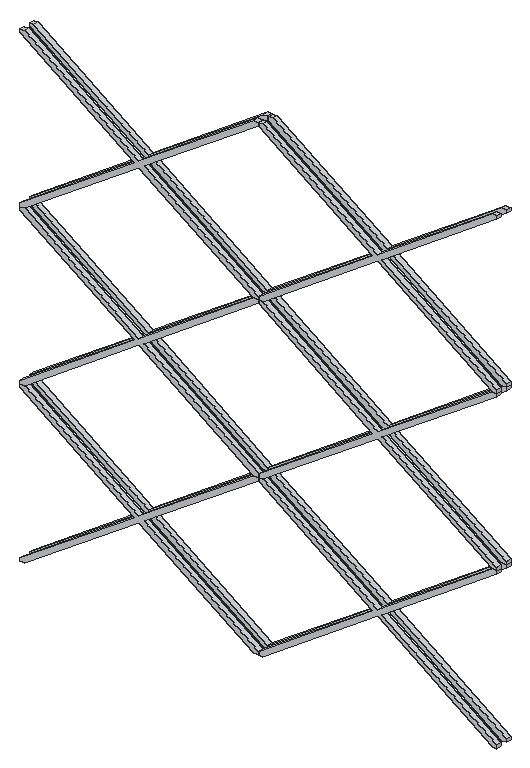
Revit family "905372203c9047879aea3598f1513d05", category Generic Models, Revit 2021
Family settings
  Can host rebar = No
  Round Connector Dimension = Use Diameter
  Part Type = Normal
  Work Plane-Based = No
  Always vertical = Yes
  Cut with Voids When Loaded = No
  Shared = No
  Room Calculation Point = No
Parameters
  Width [instance] = 4' - 0"
  Thickness = 0' - 0 1/2"
  Height [instance] = 4' - 0"
  Interior Material [instance] = none
  Exterior Material [instance] = none
  Distance = 0' - 0 3/4"
  Default Elevation = 0' - 0"
Reference planes (in)
  plane 1 "Center (Front/Back)": y = 0
  plane 2: z = 0
  plane 3 "Center (Left/Right)": x = 0
  plane 4: z = 48
  plane 5: x = -24
  plane 6: x = 24
  plane 7: z = 32
  plane 8: z = 16
Dimensions and locks (in)
  equal spacing: plane 6, plane 3 "Center (Left/Right)", plane 5
  "Width": plane 6 to plane 5
  "Height": plane 4 to plane 2
  equal spacing: plane 4, plane 7, plane 8, plane 2
  aligned and locked: plane 2 to level
  aligned and locked: plane 3 "Center (Left/Right)" to nested 2
  aligned and locked: plane 3 "Center (Left/Right)" to nested 6
  aligned and locked: plane 3 "Center (Left/Right)" to nested 1
  aligned and locked: plane 6 to nested 1
  aligned and locked: plane 6 to nested 6
  aligned and locked: plane 6 to nested 2
  aligned and locked: plane 3 "Center (Left/Right)" to nested 3
  aligned and locked: plane 3 "Center (Left/Right)" to nested 5
  aligned and locked: plane 3 "Center (Left/Right)" to nested 4
  aligned and locked: plane 5 to nested 3
  aligned and locked: plane 5 to nested 5
  aligned and locked: plane 5 to nested 4
  aligned and locked: plane 2 to nested 3
  aligned and locked: plane 2 to nested 1
  aligned and locked: plane 8 to nested 3
  aligned and locked: plane 8 to nested 1
  aligned and locked: plane 8 to nested 5
  aligned and locked: plane 8 to nested 6
  aligned and locked: plane 7 to nested 5
  aligned and locked: plane 7 to nested 6
  aligned and locked: plane 7 to nested 4
  aligned and locked: plane 7 to nested 2
  aligned and locked: plane 4 to nested 4
  aligned and locked: plane 4 to nested 2
  aligned and locked: plane 1 "Center (Front/Back)" to nested 1
  aligned and locked: plane 1 "Center (Front/Back)" to nested 2
  aligned and locked: plane 1 "Center (Front/Back)" to nested 3
  aligned and locked: plane 1 "Center (Front/Back)" to nested 4
  aligned and locked: plane 1 "Center (Front/Back)" to nested 6
  aligned and locked: plane 1 "Center (Front/Back)" to nested 5
Nested families (in)
  nested 1: "Muntin Pattern_Diamond" at (12, 0, 0), Exterior Material <- "Exterior Material", Interior Material <- "Interior Material", type "Muntin Pattern_Diamond"
    with W 2' - 0", Interior Material none, H 1' - 4", Exterior Material none
  nested 2: "Muntin Pattern_Diamond" at (12, 0, 32), Exterior Material <- "Exterior Material", Interior Material <- "Interior Material", type "Muntin Pattern_Diamond"
    with W 2' - 0", Interior Material none, H 1' - 4", Exterior Material none
  nested 3: "Muntin Pattern_Diamond" at (-12, 0, 0), Exterior Material <- "Exterior Material", Interior Material <- "Interior Material", type "Muntin Pattern_Diamond"
    with W 2' - 0", Interior Material none, H 1' - 4", Exterior Material none
  nested 4: "Muntin Pattern_Diamond" at (-12, 0, 32), Exterior Material <- "Exterior Material", Interior Material <- "Interior Material", type "Muntin Pattern_Diamond"
    with W 2' - 0", Interior Material none, H 1' - 4", Exterior Material none
  nested 5: "Muntin Pattern_Diamond" at (-12, 0, 16), Exterior Material <- "Exterior Material", Interior Material <- "Interior Material", type "Muntin Pattern_Diamond"
    with W 2' - 0", Interior Material none, H 1' - 4", Exterior Material none
  nested 6: "Muntin Pattern_Diamond" at (12, 0, 16), Exterior Material <- "Exterior Material", Interior Material <- "Interior Material", type "Muntin Pattern_Diamond"
    with W 2' - 0", Interior Material none, H 1' - 4", Exterior Material none
Definition of nested family "Muntin Pattern_Diamond"
  Parameters (values of type "Muntin Pattern_Diamond")
    W [instance] = 4' - 0"
    Thickness = 0' - 0 1/2"
    H [instance] = 4' - 0"
    Interior Material [instance] = none
    Distance = 0' - 0 3/4"
    Exterior Material [instance] = none
    Default Elevation = 0' - 0"
  Reference planes (in)
    plane 1 "Center (Front/Back)": y = 0
    plane 2: z = 0
    plane 3 "Center (Left/Right)": x = 0
    plane 4: z = 48
    plane 5: x = -24
    plane 6: x = 24
    plane 7: z = 24
    plane 8: y = 0.375
    plane 9: y = -0.375
    plane 10: y = 0.875
    plane 11: y = -0.875
  Forms (in)
    Extrusion 1, solid, material <- "Exterior Material", detail levels fine
      sketch origin (-24, 0, 48) x (0.707107, 0, -0.707107) y (0.707107, 0, 0.707107)
        loop
          line (0, 0.25) -> (0, -0.25) -> (67.88225, -0.25) -> (67.88225, 0.25) -> (0, 0.25)
      from -0.875 to -0.375
    Extrusion 2, solid, material <- "Exterior Material", detail levels fine
      sketch origin (24, 0, 48) x (-0.707107, 0, -0.707107) y (0.707107, 0, -0.707107)
        loop
          line (67.88225, 0.25) -> (0, 0.25) -> (0, -0.25) -> (67.88225, -0.25) -> (67.88225, 0.25)
      from -0.875 to -0.375
    Extrusion 3, void
      sketch origin (0, 0, 0) x (1, 0, 0) y (0, 0, 1)
        loop
          line (-24, 48) -> (-24, 0) -> (24, 0) -> (24, 48) -> (-24, 48)
        loop
          line (-24.5, 48.5) -> (-24.5, -0.5) -> (24.5, -0.5) -> (24.5, 48.5) -> (-24.5, 48.5)
      from -0.875 to 0.875
    Extrusion 4, solid, material <- "Interior Material", detail levels fine
      sketch origin (-24, 0, 48) x (0.707107, 0, -0.707107) y (0.707107, 0, 0.707107)
        loop
          line (0, 0.25) -> (0, -0.25) -> (67.88225, -0.25) -> (67.88225, 0.25) -> (0, 0.25)
      from 0.375 to 0.875
    Extrusion 5, solid, material <- "Interior Material", detail levels fine
      sketch origin (24, 0, 48) x (-0.707107, 0, -0.707107) y (0.707107, 0, -0.707107)
        loop
          line (0, -0.25) -> (67.88225, -0.25) -> (67.88225, 0.25) -> (0, 0.25) -> (0, -0.25)
      from 0.375 to 0.875
  Cuts and joins
    Extrusion 3 cuts Extrusion 1
    Extrusion 3 cuts Extrusion 2
    joined: Extrusion 1, Extrusion 2
    Extrusion 3 cuts Extrusion 4
    Extrusion 3 cuts Extrusion 5
    joined: Extrusion 4, Extrusion 5
  Lines and regions (in)
    reference lines
      curve 1: line (-24, 0, 48) -> (24, 0, 0)
      curve 2: line (24, 0, 48) -> (-24, 0, 0)
      curve 3: line (-24, 0, 48) -> (-17.98959, 0, 54.01041)
      curve 4: line (24, 0, 0) -> (31.6014, 0, 7.6014)
      curve 5: line (-21.20495, 0, 44.8514) -> (16.78122, 0, 6.86522)
      curve 6: line (-20.8514, 0, 45.20495) -> (17.13478, 0, 7.21878)
      curve 7: line (24, 0, 48) -> (18.87348, 0, 53.12652)
      curve 8: line (-24, 0, 0) -> (-28.24264, 0, 4.24264)
      curve 9: line (-23.82322, 0, -0.17678) -> (22.31549, 0, 45.96194)
      curve 10: line (-24.17678, 0, 0.17678) -> (21.96194, 0, 46.31549)
    model lines, detail levels medium
      curve 11: line (24, 0.375, 0) -> (-24, 0.375, 48)
      curve 12: line (24, 0.375, 48) -> (-24, 0.375, 0)
      curve 13: line (24, -0.375, 0) -> (-24, -0.375, 48)
      curve 14: line (24, -0.375, 48) -> (-24, -0.375, 0)
  Dimensions and locks (in)
    equal spacing: plane 6, plane 3 "Center (Left/Right)", plane 5
    "W": plane 6 to plane 5
    "H": plane 4 to plane 2
    equal spacing: plane 4, plane 7, plane 2
    equal spacing: curve 5, curve 1, curve 6
    "Thickness": curve 5 to curve 6
    equal spacing: curve 9, curve 2, curve 10
    "Thickness": curve 9 to curve 10
    "Thickness": Extrusion 3 sketch curve to plane 6
    "Thickness": plane 2 to Extrusion 3 sketch curve
    "Thickness": plane 5 to Extrusion 3 sketch curve
    "Thickness": Extrusion 3 sketch curve to plane 4
    "Distance": plane 8 to plane 9
    equal spacing: plane 8, plane 1 "Center (Front/Back)", plane 9
    "Thickness": plane 10 to plane 8
    "Thickness": plane 9 to plane 11
    locked: curve 1 to curve 3 (angle 90.00°)
    locked: curve 4 to curve 1 (angle 90.00°)
    locked: curve 7 to curve 2 (angle 90.00°)
    locked: curve 2 to curve 8 (angle 90.00°)
    aligned and locked: plane 2 to level
    aligned and locked: plane 4 to curve 1
    aligned and locked: plane 5 to curve 1
    aligned and locked: plane 2 to curve 2
    aligned and locked: plane 5 to curve 2
    aligned and locked: plane 6 to curve 1
    aligned and locked: plane 2 to curve 1
    aligned and locked: plane 6 to curve 2
    aligned and locked: plane 4 to curve 2
    aligned and locked: plane 4 to curve 3
    aligned and locked: plane 5 to curve 3
    aligned and locked: plane 6 to curve 4
    aligned and locked: plane 2 to curve 4
    aligned and locked: Extrusion 1 sketch curve to curve 5
    aligned and locked: Extrusion 1 sketch curve to curve 3
    aligned and locked: Extrusion 1 sketch curve to curve 6
    aligned and locked: curve 6 to Extrusion 1 sketch curve
    aligned and locked: curve 5 to Extrusion 1 sketch curve
    aligned and locked: Extrusion 1 sketch curve to curve 4
    aligned and locked: curve 4 to Extrusion 1 sketch curve
    aligned and locked: plane 5 to curve 8
    aligned and locked: plane 2 to curve 8
    aligned and locked: plane 6 to curve 7
    aligned and locked: plane 4 to curve 7
    aligned and locked: Extrusion 2 sketch curve to curve 10  (x2)
    aligned and locked: Extrusion 2 sketch curve to curve 8  (x2)
    aligned and locked: curve 9 to Extrusion 2 sketch curve  (x2)
    aligned and locked: curve 7 to Extrusion 2 sketch curve
    aligned and locked: plane 5 to Extrusion 3 sketch curve
    aligned and locked: Extrusion 3 sketch curve to plane 4
    aligned and locked: Extrusion 3 sketch curve to plane 6
    aligned and locked: plane 2 to Extrusion 3 sketch curve
    aligned and locked: plane 10 to cut or joined group of Extrusion 1, Extrusion 2, Extrusion 3  (x2)
    aligned and locked: cut or joined group of Extrusion 1, Extrusion 2, Extrusion 3 to plane 8  (x2)
    aligned and locked: plane 10 to Extrusion 3
    aligned and locked: Extrusion 3 to plane 11
    aligned and locked: curve 3 to Extrusion 4 sketch curve
    aligned and locked: Extrusion 4 sketch curve to curve 3
    aligned and locked: Extrusion 4 sketch curve to curve 6
    aligned and locked: Extrusion 4 sketch curve to curve 5
    aligned and locked: Extrusion 4 sketch curve to curve 4
    aligned and locked: curve 6 to Extrusion 4 sketch curve
    aligned and locked: curve 5 to Extrusion 4 sketch curve
    aligned and locked: Extrusion 5 sketch curve to curve 9
    aligned and locked: Extrusion 5 sketch curve to curve 10
    aligned and locked: Extrusion 5 sketch curve to curve 7  (x2)
    aligned and locked: Extrusion 5 sketch curve to curve 8  (x2)
    aligned and locked: curve 9 to Extrusion 5 sketch curve
    aligned and locked: curve 10 to Extrusion 5 sketch curve
    aligned and locked: Extrusion 4 to plane 11
    aligned and locked: Extrusion 5 to plane 11
    aligned and locked: plane 9 to Extrusion 4
    aligned and locked: plane 9 to Extrusion 5
    aligned and locked: plane 2 to curve 11
    aligned and locked: plane 6 to curve 11
    aligned and locked: plane 5 to curve 11
    aligned and locked: plane 4 to curve 11
    aligned and locked: plane 5 to curve 12
    aligned and locked: plane 2 to curve 12
    aligned and locked: plane 4 to curve 12
    aligned and locked: plane 6 to curve 12
    aligned and locked: plane 2 to curve 13
    aligned and locked: plane 6 to curve 13
    aligned and locked: plane 4 to curve 14
    aligned and locked: plane 6 to curve 14
    aligned and locked: plane 4 to curve 13
    aligned and locked: plane 5 to curve 13
    aligned and locked: plane 2 to curve 14
    aligned and locked: plane 5 to curve 14
  Automatic sketch dimensions
    curve 1 to curve 6 = 0' - 4.20279"
    curve 1 to curve 5 = 0' - 4.20279"
    curve 5 to curve 1 = 0' - 9.95889"
    curve 6 to curve 5 = 0' - 0"
    curve 2 to curve 9 = 0' - 0"
    curve 2 to curve 9 = 0' - 2.63225"
    curve 2 to curve 10 = 0' - 2.63225"
